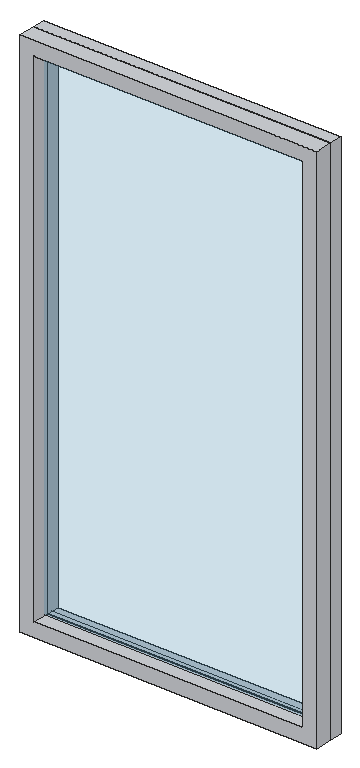
Revit family "FS_Reynaers_SL38 Cubic_Window Fixed", category Окна, Revit 2017
Family settings
  Основа = Стена
  Номер OmniClass = 23.30.20.00
  Заголовок OmniClass = Windows
  Всегда вертикально = Да
  При загрузке вырезать с полостями = Нет
  Общий = Нет
  Точка расчета площади = Нет
Parameters (values of type "Frame 38.5")
  Youtube clip = ""
  Width INT [instance] = 900 mm
  Width EXT [instance] = 800 mm
  Weight Net (Kg) = 0
  Wall Exterior Width = 90 mm
  Uniclass 2.0 Description = "Windows"
  Uniclass 2.0 Code = "PR-59-97"
  Uniclass 1.4 Description = "Windows"
  Uniclass 1.4 Code = "JL10"
  URL = "http://www.reynaers.com/architects/products/sl-38"
  UNSPSC Code = "301716"
  Technical description = ""
  Region South America = "None"
  Region Oceania = "None"
  Region North America = "None"
  Region Middle East = "None"
  Region Europe = "AD, AL, AT, AX, BA, BE, BG, BY, CH, CS, CY, CZ, DE, DK, EE, ES, FI, FO, FR, GB, GG, GI, GR, HR, HU, IE, IM, IS, IT, JE, LI, LT, LU, LV, MC, MD, ME, MK, MT, NL, NO, PL, PT, RO, RS, RU, SE, SI, SJ, SK, SM, UA, VA, XK"
  Region Asia = "None"
  Region Antarctica = "None"
  Region Africa = "None"
  REY Website = "www.reynaers.com"
  REY Vent Width = 0 mm  # constant formula
  REY Vent & Gap = REY Vent Width + REY Gap Width  # 0 mm
  REY Sill Height = 35 mm
  REY Sill H = if(REY Sill, REY Sill Height, 0 mm)  # 0 mm
  REY Sill = no
  REY Shutter Roll Material = none
  REY Shutter Roll Height = 200 mm
  REY Shutter Position = if(BE, 0 mm, REY Butt Strip Width)  # 0 mm
  REY Shutter Height = if(REY Shutter, REY Shutter Roll Height, 0 mm)  # 0 mm
  REY Shutter Depth = if(REY Shutter, 59 mm, 0 mm)  # 0 mm
  REY Shutter = no
  REY Rebate TOP B = if(BE, REY Rebate, 0 mm)  # 20 mm
  REY Rebate TOP A = if(NL, REY Rebate, 0 mm)  # 0 mm
  REY Rebate B = if(BE, REY Rebate, 0 mm)  # 20 mm
  REY Rebate A = if(NL, REY Rebate, 0 mm)  # 0 mm
  REY Rebate = 20 mm
  REY Profile Rebate = 25 mm
  REY Profile Color OUT [instance] = none
  REY Profile Color IN [instance] = none
  REY Panel Tickness [instance] = 24 mm
  REY Panel Material [instance] = Glass
  REY Panel Height [instance] = 1458 mm
  REY Panel Coverage = 10 mm
  REY Panel 1 Width [instance] = 783 mm
  REY Offset Wall Ext Int B = if(BE, REY Offset Wall Ext Int, 50 mm)  # 50 mm
  REY Offset Wall Ext Int A = if(NL, REY Offset Wall Ext Int, 0 mm)  # 0 mm
  REY Offset Wall Ext Int = 50 mm
  REY Joint Width B = if(BE, REY Joint Width, 0 mm)  # 5 mm
  REY Joint Width A = if(NL, REY Joint Width, 0 mm)  # 0 mm
  REY Joint Width = 5 mm
  REY Joint Bottom = 5 mm
  REY Gap Width = 0 mm  # constant formula
  REY Frame Width = 38.5 mm
  REY Fixation Bottom = 38 mm
  REY Element Width [instance] = 840 mm
  REY Element Height [instance] = 1515 mm
  REY Design = 0 mm  # constant formula
  REY Butt Strip Width = 10 mm
  REY Built-In Depth = 85.9 mm
  Product group = "Windows Aluminium"
  Product family = "Windows & Doors"
  Product data url = "http://file-system.ru/catalog/zdaniya_i_sooruzheniya/eksterer/dveri/sl_38_dveri/"
  Product certification = ""
  Product SKU = "Reynaers_window_Slim_Line_38"
  Product Guid = "e351ed82-0458-4031-8220-8276baccd360"
  OmniClass Description = ""
  OmniClass Code = ""
  Nominal width = 0
  Nominal height = 0
  NL = no
  NBS Reference Description = "Windows"
  NBS Reference Code = "59-97"
  Material secondary = "Aluminium"
  Material main = "Aluminium"
  Manufacturer name = "Reynaers"
  Manufacturer country = "Belgium"
  Изготовитель = "Reynaers"
  Installation instructions = ""
  IFC Classification = "Window"
  Height INT [instance] = 1583 mm
  Height EXT [instance] = 1500 mm
  Height [instance] = Height EXT  # 1500 mm
  Edition number = 1
  EAN code = ""
  Design country = "Belgium"
  Default Sill Height = 800 mm
  Замыкание стены = По основе
  Width [instance] = Width EXT  # 800 mm
  Date of publishing = "2015-11-19"
  COBIe Type Category = ""
  BE = yes
  Аналитическая конструкция = "<None>"
Reference planes
  plane 1 "Center (Front/Back)": y = 0
  plane 2 "Center (Left/Right)": x = 0
  plane 3 "REY L EXT": x = -400
  plane 4 "REY R EXT": x = 400
  plane 5 "Sill": z = 800
  plane 6 "REY Top EXT": z = 2300
  plane 7 "Exterior": y = 150
  plane 8 "Interior": y = -150
  plane 9 "REY Profile L": x = -420
  plane 10 "REY Profile Temp": x = -420
  plane 11 "REY L INT Temp": x = -450
  plane 12 "Wall Exterior Width": y = 60
  plane 13 "REY L INT": x = -450
  plane 14 "REY R INT Temp": x = 450
  plane 15 "REY R INT": x = 450
  plane 16 "REY Top INT": z = 2350
  plane 17 "REY Top INT Temp": z = 2350
  plane 18 "REY Sill Bottom": z = 805
  plane 19 "REY Profile Bottom": z = 805
  plane 20 "REY Bottom INT": z = 767
  plane 21 "REY Shutter TOP": z = 2350
  plane 22 "REY Profile TOP": z = 2320
  plane 23 "REY Profile TOP Temp": z = 2320
  plane 24 "REY Profile Joint Temp": y = 55
  plane 25 "REY Profile Joint": y = 55
  plane 26 "REY Built-In-Depth": y = -30.9
  plane 27 "REY Frame L": x = -381.5
  plane 28 "REY Gap L": x = -381.5
  plane 29 "REY Vent L": x = -381.5
  plane 30 "REY Panel L": x = -391.5
  plane 31 "REY Profile A Rebate": x = -445
  plane 32 "REY Shutter": y = 55
  plane 33 "REY Profile Design": y = 55
  plane 34 "REY Panel OUT": y = 31
  plane 35 "REY Panel IN": y = 7
  plane 36 "REY Gap Bottom": z = 843.5
  plane 37 "REY Frame Bottom": z = 843.5
  plane 38 "REY Vent Bottom": z = 843.5
  plane 39 "REY Profile R": x = 420
  plane 40 "REY Panel Bottom": z = 833.5
  plane 41 "Mid Window": z = 1562.5
  plane 42 "REY Panel TOP": z = 2291.5
  plane 43 "REY Gap TOP": z = 2281.5
  plane 44 "REY Frame TOP": z = 2281.5
  plane 45 "REY Vent TOP": z = 2281.5
  plane 46 "REY Shutter Position L": x = -420
  plane 47 "REY Shutter Position R": x = 420
  plane 48 "REY A Butt-Strip": x = -430
  plane 49 "REY Shutter Position TOP": z = 2320
  plane 50 "REY Frame R": x = 381.5
  plane 51 "REY GAP R": x = 381.5
  plane 52 "REY Vent R": x = 381.5
  plane 53 "REY Panel R": x = 391.5
  plane 54 "REY MID 1/2": x = 0
  plane 55 "REY Profil Design Step 1": y = 32
  plane 56 "REY Profil Design Step 2": y = 18
  plane 57: x = -399
  plane 58 "REY Panel MID": y = 19
Forms (mm)
  Extrusion 1, void
    sketch origin (0, 0, 800) x (0, -1, 0) y (1, 0, 0)
      loop
        line (-150, -400) -> (-60, -400) -> (-60, 400) -> (-150, 400) -> (-150, -400)
    from 0 to 1500
  Extrusion 2, void
    sketch origin (0, 0, 800) x (0, -1, 0) y (1, 0, 0)
      loop
        line (-60, -450) -> (150, -450) -> (150, 450) -> (-60, 450) -> (-60, -450)
    from -33 to 1550
  Extrusion 3, solid, material "Glass" <- "REY Panel Material"
    sketch origin (0, 0, 833.5) x (0, 1, 0) y (-1, 0, 0)
      loop
        line (7, 391.5) -> (7, -391.5) -> (31, -391.5) -> (31, 391.5) -> (7, 391.5)
    from 10 to 1448
  Extrusion 4, solid, material <- "REY Profile Color OUT", visible <- "REY Shutter"
    sketch origin (0, 0, 800) x (0, -1, 0) y (1, 0, 0)
      loop
        line (-55, 420) -> (-114, 420) -> (-114, 391.665) -> (-109.8, 391.665) -> (-109.8, 418.165) -> (-91.8, 418.165) -> (-91.8, 391.665) -> (-55, 391.665) -> (-55, 420)
    from 0 to 1520
  Extrusion 5, solid, material <- "REY Profile Color IN", visible <- "REY Sill"
    sketch origin (420, 0, 0) x (0, 1, 0) y (0, 0, -1)
      loop
        line (55, -805) -> (55, -781) -> (26.3, -781) -> (26.3, -775) -> (55, -773) -> (55, -770) -> (-21.9, -770) -> (-21.9, -805) -> (55, -805)
    from 0 to 840
  Sweep 6, solid, material <- "REY Profile Color OUT", visible <- "NL"
    path origin (0, 55, 0) x (-1, 0, 0) y (0, 0, 1)
      loop
        line (420, 805) -> (420, 2320) -> (-420, 2320) -> (-420, 805) -> (420, 805)
    profile origin (-420, 55, 1562.5) x (1, 0, 0) y (0, 1, 0)
      loop
        line (0, 0) -> (-10, 0) -> (-10, -3.8) -> (0, -3.8) -> (0, 0)
  Extrusion 7, solid, material <- "REY Profile Color OUT", visible <- "REY Shutter"
    sketch origin (420, 0, 0) x (0, 1, 0) y (0, 0, -1)
      loop
        line (55, -2303.8) -> (55, -2305.4) -> (76.9, -2305.4)
        arc (76.9, -2305.4) -> (79.728, -2306.572) -> (80.9, -2309.4) r 4
        line (80.9, -2309.4) -> (80.9, -2336.4)
        arc (80.9, -2336.4) -> (77.707, -2344.107) -> (70, -2347.3) r 10.9
        line (70, -2347.3) -> (70, -2348.9)
        arc (70, -2348.9) -> (78.839, -2345.239) -> (82.5, -2336.4) r 12.5
        line (82.5, -2336.4) -> (82.5, -2309.4)
        arc (82.5, -2309.4) -> (80.86, -2305.44) -> (76.9, -2303.8) r 5.6
        line (76.9, -2303.8) -> (55, -2303.8)
    from 0 to 840
  Extrusion 8, solid, material <- "REY Shutter Roll Material", visible <- "REY Shutter"
    sketch origin (420, 0, 0) x (0, 1, 0) y (0, 0, -1)
      loop
        line (60, -2350) -> (-150, -2350) -> (-150, -2360) -> (60, -2360) -> (60, -2350)
    from -30 to 870
  Extrusion 9, solid, material <- "REY Profile Color OUT", visible <- "REY Shutter"
    sketch origin (0, 0, 800) x (0, -1, 0) y (1, 0, 0)
      loop
        line (-55, -420) -> (-55, -391.665) -> (-91.8, -391.665) -> (-91.8, -418.165) -> (-109.8, -418.165) -> (-109.8, -391.665) -> (-114, -391.665) -> (-114, -420) -> (-55, -420)
    from 0 to 1520
  Sweep 10, solid, material <- "REY Profile Color OUT"
    path origin (0, 55, 0) x (-1, 0, 0) y (0, 0, 1)
      loop
        line (-420, 2320) -> (-420, 805) -> (420, 805) -> (420, 2320) -> (-420, 2320)
    profile origin (-420, 55, 1562.5) x (0, 1, 0) y (-1, 0, 0)
      loop
        line (0, 0) -> (-36, 0) -> (-36, -38.5) -> (0, -38.5) -> (0, 0)
  Sweep 11, solid, material <- "REY Profile Color IN"
    path origin (0, -30.9, 0) x (-1, 0, 0) y (0, 0, 1)
      loop
        line (420, 805) -> (420, 2320) -> (-420, 2320) -> (-420, 805) -> (420, 805)
    profile origin (-420, -30.9, 1562.5) x (0, 1, 0) y (-1, 0, 0)
      loop
        line (49.9, 0) -> (0, 0) -> (0, -38.5) -> (49.9, -38.5) -> (49.9, 0)
Lines and regions (mm)
  symbolic lines, style "Windows"
    curve 1: line (-381.5, 55, 800) -> (-420, 55, 800)
    curve 2: line (-381.5, -30.9, 800) -> (-420, -30.9, 800)
    curve 3: line (420, -30.9, 800) -> (381.5, -30.9, 800)
    curve 4: line (-381.5, 55, 800) -> (-381.5, -30.9, 800)
    curve 22: line (420, 55, 800) -> (381.5, 55, 800)
    curve 24: line (-420, -30.9, 800) -> (-420, 55, 800)
    curve 25: line (-381.5, 31, 800) -> (381.5, 31, 800)
    curve 26: line (381.5, 7, 800) -> (-381.5, 7, 800)
    curve 27: line (381.5, -30.9, 833.5) -> (381.5, 55, 833.5)
    curve 30: line (420, 55, 2320) -> (420, -30.9, 2320)
    curve 31: line (420, -30.9, 2320) -> (420, -30.9, 2281.5)
    curve 32: line (420, -30.9, 2281.5) -> (420, 55, 2281.5)
    curve 33: line (420, 55, 2281.5) -> (420, 55, 2320)
    curve 34: line (420, -30.9, 843.5) -> (420, -30.9, 805)
    curve 35: line (420, -30.9, 805) -> (420, 55, 805)
    curve 36: line (420, 55, 805) -> (420, 55, 843.5)
    curve 37: line (420, 55, 843.5) -> (420, -30.9, 843.5)
    curve 38: line (0, 7, 2281.5) -> (0, 7, 843.5)
    curve 39: line (0, 18, 843.5) -> (0, 18, 2281.5)
    curve 40: line (420, 55, 0) -> (420, -30.9, 0)
  symbolic lines, style "Windows", not visible
    curve 5: line (420, 88, 800) -> (420, 55, 800)
  symbolic lines, style "Windows", visible <- "NL"
    curve 6: line (420, 2.2, 0) -> (420, 55, 0)
  symbolic lines
    curve 7: line (-400, 150, 0) -> (400, 150, 0)
    curve 8: line (450, -150, 0) -> (-450, -150, 0)
  symbolic lines, style "Windows", visible <- "REY Shutter"
    curve 9: line (-420, 114, 800) -> (-391.665, 114, 800)
    curve 10: line (-391.665, 114, 800) -> (-391.665, 109.8, 800)
    curve 11: line (-391.665, 109.8, 800) -> (-418.165, 109.8, 800)
    curve 12: line (-418.165, 109.8, 800) -> (-418.165, 91.8, 800)
    curve 13: line (-418.165, 91.8, 800) -> (-391.665, 91.8, 800)
    curve 14: line (-391.665, 91.8, 800) -> (-391.665, 55, 800)
    curve 15: line (-420, -21.9, 800) -> (-420, 114, 800)
    curve 16: line (391.665, 114, 800) -> (420, 114, 800)
    curve 17: line (391.665, 109.8, 800) -> (391.665, 114, 800)
    curve 18: line (418.165, 109.8, 800) -> (391.665, 109.8, 800)
    curve 19: line (418.165, 91.8, 800) -> (418.165, 109.8, 800)
    curve 20: line (391.665, 91.8, 800) -> (418.165, 91.8, 800)
    curve 21: line (391.665, 55, 800) -> (391.665, 91.8, 800)
    curve 23: line (420, 114, 800) -> (420, 55, 800)
  model lines, style "Windows"
    curve 28: line (420, 44.949, 2312.025) -> (420, -18.966, 2312.025)
    curve 29: line (420, 51.656, 2347.279) -> (420, -40.244, 2347.279)
Text (mm)
  text "EXTERIOR" at (-1963.203, 1332.353, 0), in view "Ref. Level"
  text "INTERIOR" at (-1981.466, -818.386, 0), in view "Ref. Level"
  text "Exterior" at (0, 923.751, 2943.296), in view "Right"
  text "Exterior" at (0, 1040.484, 2685.409), in view "Left"
  text "EXT" at (0, 709.313, 2863.072), in view "Section 1"
Dimensions and locks
  equal spacing: plane 3 "REY L EXT", plane 2 "Center (Left/Right)", plane 4 "REY R EXT"
  "Width": plane 3 "REY L EXT" to plane 4 "REY R EXT"
  "Height": plane 5 "Sill" to plane 6 "REY Top EXT"
  "Default Sill Height": plane 5 "Sill" to level
  locked: plane 7 "Exterior" to host wall at 0
  locked: plane 8 "Interior" to host wall
  "Wall Exterior Width": plane 7 "Exterior" to plane 12 "Wall Exterior Width"
  "REY Rebate B": plane 10 "REY Profile Temp" to plane 3 "REY L EXT"
  "REY Rebate A": plane 10 "REY Profile Temp" to plane 9 "REY Profile L"
  "REY Offset Wall Ext Int B": plane 4 "REY R EXT" to plane 14 "REY R INT Temp"
  "REY Offset Wall Ext Int B": plane 11 "REY L INT Temp" to plane 3 "REY L EXT"
  "REY Offset Wall Ext Int A": plane 11 "REY L INT Temp" to plane 13 "REY L INT"
  "REY Offset Wall Ext Int A": plane 15 "REY R INT" to plane 14 "REY R INT Temp"
  "REY Offset Wall Ext Int A": plane 16 "REY Top INT" to plane 17 "REY Top INT Temp"
  "REY Offset Wall Ext Int B": plane 6 "REY Top EXT" to plane 17 "REY Top INT Temp"
  "Width INT": plane 13 "REY L INT" to plane 15 "REY R INT"
  "REY Joint Bottom": plane 5 "Sill" to plane 18 "REY Sill Bottom"
  "REY Sill H": plane 18 "REY Sill Bottom" to plane 19 "REY Profile Bottom"
  "REY Fixation Bottom": plane 18 "REY Sill Bottom" to plane 20 "REY Bottom INT"
  "REY Shutter Height": plane 21 "REY Shutter TOP" to plane 16 "REY Top INT"
  "REY Rebate TOP B": plane 23 "REY Profile TOP Temp" to plane 6 "REY Top EXT"
  "REY Rebate TOP A": plane 23 "REY Profile TOP Temp" to plane 22 "REY Profile TOP"
  "REY Joint Width A": plane 25 "REY Profile Joint" to plane 24 "REY Profile Joint Temp"
  "REY Joint Width B": plane 12 "Wall Exterior Width" to plane 24 "REY Profile Joint Temp"
  "REY Built-In Depth": plane 33 "REY Profile Design" to plane 26 "REY Built-In-Depth"
  "REY Frame Width": plane 9 "REY Profile L" to plane 27 "REY Frame L"
  "REY Gap Width": plane 27 "REY Frame L" to plane 28 "REY Gap L"
  "REY Vent Width": plane 28 "REY Gap L" to plane 29 "REY Vent L"
  "REY Profile Rebate": plane 31 "REY Profile A Rebate" to plane 9 "REY Profile L"
  "REY Panel Coverage": plane 30 "REY Panel L" to plane 29 "REY Vent L"
  "REY Design": plane 32 "REY Shutter" to plane 33 "REY Profile Design"
  "REY Shutter Depth": plane 25 "REY Profile Joint" to plane 32 "REY Shutter"
  locked: plane 33 "REY Profile Design" to plane 34 "REY Panel OUT" at 24
  "REY Panel Tickness": plane 34 "REY Panel OUT" to plane 35 "REY Panel IN"
  "REY Frame Width": plane 37 "REY Frame Bottom" to plane 19 "REY Profile Bottom"
  "REY Gap Width": plane 36 "REY Gap Bottom" to plane 37 "REY Frame Bottom"
  "REY Vent Width": plane 38 "REY Vent Bottom" to plane 36 "REY Gap Bottom"
  equal spacing: plane 9 "REY Profile L", plane 2 "Center (Left/Right)", plane 39 "REY Profile R"
  "REY Panel Coverage": plane 38 "REY Vent Bottom" to plane 40 "REY Panel Bottom"
  "REY Vent Width": plane 45 "REY Vent TOP" to plane 43 "REY Gap TOP"
  "REY Gap Width": plane 43 "REY Gap TOP" to plane 44 "REY Frame TOP"
  "REY Panel Coverage": plane 45 "REY Vent TOP" to plane 42 "REY Panel TOP"
  "REY Shutter Position": plane 46 "REY Shutter Position L" to plane 9 "REY Profile L"
  "REY Shutter Position": plane 39 "REY Profile R" to plane 47 "REY Shutter Position R"
  Extrusion 4 sketch curve to Extrusion 4 sketch curve to Extrusion 4 sketch curve = 18 mm locked, 4.2 mm locked
  locked: Extrusion 4 sketch curve to Extrusion 4 sketch curve at 1.835
  locked: Extrusion 4 sketch curve to Extrusion 4 sketch curve at 28.335
  locked: Extrusion 4 sketch curve to Extrusion 4 sketch curve at 36.8
  locked: Extrusion 5 sketch curve to Extrusion 5 sketch curve at 35
  locked: Extrusion 5 sketch curve to Extrusion 5 sketch curve at 3
  locked: Extrusion 5 sketch curve to Extrusion 5 sketch curve at 11
  locked: Extrusion 5 sketch curve to Extrusion 5 sketch curve at 6
  equal spacing: plane 23 "REY Profile TOP Temp", plane 41 "Mid Window", plane 19 "REY Profile Bottom"
  "REY Butt Strip Width": plane 48 "REY A Butt-Strip" to plane 9 "REY Profile L"
  "REY Shutter Position": plane 49 "REY Shutter Position TOP" to plane 22 "REY Profile TOP"
  "REY Frame Width": plane 44 "REY Frame TOP" to plane 22 "REY Profile TOP"
  locked: Extrusion 7 sketch curve to plane 49 "REY Shutter Position TOP" at 14.6
  locked: Extrusion 7 sketch curve to plane 32 "REY Shutter" at 25.9
  plane 6 "REY Top EXT" to Extrusion 8 = 60 mm
  Extrusion 9 sketch curve to Extrusion 9 sketch curve to Extrusion 9 sketch curve = 18 mm locked, 4.2 mm locked
  locked: Extrusion 9 sketch curve to Extrusion 9 sketch curve at 1.835
  locked: Extrusion 9 sketch curve to Extrusion 9 sketch curve at 28.335
  locked: Extrusion 9 sketch curve to Extrusion 9 sketch curve at 36.8
  "REY Vent Width": plane 52 "REY Vent R" to plane 51 "REY GAP R"
  "REY Gap Width": plane 51 "REY GAP R" to plane 50 "REY Frame R"
  "REY Frame Width": plane 50 "REY Frame R" to plane 39 "REY Profile R"
  "REY Element Height": plane 23 "REY Profile TOP Temp" to plane 19 "REY Profile Bottom"
  "Height INT": plane 21 "REY Shutter TOP" to plane 20 "REY Bottom INT"
  "REY Element Width": plane 46 "REY Shutter Position L" to plane 47 "REY Shutter Position R"
  "REY Panel Height": plane 42 "REY Panel TOP" to plane 40 "REY Panel Bottom"
  "REY Panel Coverage": plane 52 "REY Vent R" to plane 53 "REY Panel R"
  locked: Extrusion 8 to plane 21 "REY Shutter TOP" at 10
  Sweep 11 sketch curve to plane 26 "REY Built-In-Depth" = 0 mm
  "REY Panel 1 Width": plane 30 "REY Panel L" to plane 53 "REY Panel R"
  plane 33 "REY Profile Design" to plane 55 "REY Profil Design Step 1" to plane 56 "REY Profil Design Step 2" = 23 mm locked, 14 mm locked
  locked: plane 9 "REY Profile L" to plane 57 at 21
  equal spacing: plane 34 "REY Panel OUT", plane 58 "REY Panel MID", plane 35 "REY Panel IN"
  radius of Extrusion 7 sketch curve = 4 mm
  radius of Extrusion 7 sketch curve = 10.9 mm
  aligned and locked: Extrusion 1 sketch curve to plane 3 "REY L EXT"
  aligned and locked: plane 4 "REY R EXT" to Extrusion 1 sketch curve
  aligned and locked: plane 12 "Wall Exterior Width" to Extrusion 1 sketch curve
  aligned and locked: plane 7 "Exterior" to Extrusion 1 sketch curve
  aligned and locked: Extrusion 1 to plane 6 "REY Top EXT"
  aligned and locked: Extrusion 2 sketch curve to plane 12 "Wall Exterior Width"
  aligned and locked: Extrusion 2 sketch curve to plane 8 "Interior"
  aligned and locked: plane 13 "REY L INT" to Extrusion 2 sketch curve
  aligned and locked: plane 15 "REY R INT" to Extrusion 2 sketch curve
  aligned and locked: Extrusion 2 to plane 20 "REY Bottom INT"
  aligned and locked: plane 21 "REY Shutter TOP" to Extrusion 2
  aligned and locked: Extrusion 3 sketch curve to plane 35 "REY Panel IN"
  aligned and locked: plane 34 "REY Panel OUT" to Extrusion 3 sketch curve
  aligned and locked: Extrusion 3 sketch curve to plane 30 "REY Panel L"
  aligned and locked: Extrusion 4 sketch curve to Extrusion 4 sketch curve
  aligned and locked: plane 32 "REY Shutter" to Extrusion 4 sketch curve
  aligned and locked: plane 47 "REY Shutter Position R" to Extrusion 4 sketch curve
  aligned and locked: Extrusion 5 sketch curve to plane 33 "REY Profile Design"  (x2)
  aligned and locked: Extrusion 5 to plane 9 "REY Profile L"
  aligned and locked: Extrusion 5 sketch curve to plane 19 "REY Profile Bottom"
  aligned and locked: plane 9 "REY Profile L" to Sweep 6 sketch curve  (x2)
  aligned and locked: plane 39 "REY Profile R" to Sweep 6 sketch curve
  aligned and locked: plane 19 "REY Profile Bottom" to Sweep 6 sketch curve
  aligned and locked: Sweep 6 sketch curve to plane 48 "REY A Butt-Strip"
  aligned and locked: plane 22 "REY Profile TOP" to Extrusion 4
  aligned and locked: plane 32 "REY Shutter" to Extrusion 7 sketch curve
  aligned and locked: Sweep 6 sketch curve to plane 22 "REY Profile TOP"
  aligned and locked: Extrusion 7 to plane 9 "REY Profile L"
  aligned and locked: Extrusion 8 sketch curve to plane 16 "REY Top INT"
  aligned and locked: plane 12 "Wall Exterior Width" to Extrusion 8 sketch curve
  aligned and locked: Extrusion 9 sketch curve to plane 32 "REY Shutter"
  aligned and locked: Extrusion 9 sketch curve to plane 46 "REY Shutter Position L"
  aligned and locked: plane 49 "REY Shutter Position TOP" to Extrusion 9
  aligned and locked: curve 9 to Extrusion 9
  aligned and locked: Extrusion 9 to curve 11
  aligned and locked: curve 12 to Extrusion 9
  aligned and locked: curve 13 to Extrusion 9
  aligned and locked: curve 14 to Extrusion 9
  aligned and locked: curve 15 to Extrusion 9
  aligned and locked: curve 16 to Extrusion 4
  aligned and locked: curve 17 to Extrusion 4
  aligned and locked: curve 18 to Extrusion 4
  aligned and locked: curve 19 to Extrusion 4
  aligned and locked: curve 20 to Extrusion 4
  aligned and locked: curve 21 to Extrusion 4
  aligned and locked: plane 33 "REY Profile Design" to curve 1
  aligned and locked: Extrusion 9 sketch curve to Extrusion 9 sketch curve
  aligned and locked: curve 10 to Extrusion 9
  aligned and locked: plane 26 "REY Built-In-Depth" to curve 2
  aligned and locked: plane 32 "REY Shutter" to Sweep 6 sketch curve
  aligned and locked: Extrusion 8 to plane 13 "REY L INT"
  aligned and locked: Extrusion 8 to plane 15 "REY R INT"
  aligned and locked: plane 54 "REY MID 1/2" to plane 2 "Center (Left/Right)"
  aligned and locked: Sweep 10 sketch curve to plane 22 "REY Profile TOP"
  aligned and locked: plane 39 "REY Profile R" to Sweep 10 sketch curve
  aligned and locked: plane 19 "REY Profile Bottom" to Sweep 10 sketch curve
  aligned and locked: plane 9 "REY Profile L" to Sweep 10 sketch curve  (x2)
  aligned and locked: Sweep 10 sketch curve to plane 27 "REY Frame L"
  aligned and locked: Sweep 10 sketch curve to plane 33 "REY Profile Design"
  aligned and locked: plane 19 "REY Profile Bottom" to Sweep 11 sketch curve
  aligned and locked: plane 9 "REY Profile L" to Sweep 11 sketch curve  (x2)
  aligned and locked: Sweep 11 sketch curve to plane 22 "REY Profile TOP"
  aligned and locked: plane 39 "REY Profile R" to Sweep 11 sketch curve
  aligned and locked: plane 53 "REY Panel R" to Extrusion 3 sketch curve
  aligned and locked: plane 52 "REY Vent R" to curve 25
  aligned and locked: plane 52 "REY Vent R" to curve 26
  aligned and locked: Sweep 11 sketch curve to plane 27 "REY Frame L"
  aligned and locked: Sweep 11 sketch curve to plane 58 "REY Panel MID"
  aligned and locked: plane 58 "REY Panel MID" to Sweep 10 sketch curve
  aligned and locked: Extrusion 3 to plane 45 "REY Vent TOP"
  aligned and locked: Extrusion 3 to plane 35 "REY Panel IN"
  aligned and locked: plane 34 "REY Panel OUT" to Extrusion 3
  aligned and locked: curve 32 to plane 45 "REY Vent TOP"
  aligned and locked: plane 26 "REY Built-In-Depth" to curve 31
  aligned and locked: curve 33 to plane 33 "REY Profile Design"
  aligned and locked: curve 30 to plane 49 "REY Shutter Position TOP"
  aligned and locked: Extrusion 3 to plane 38 "REY Vent Bottom"
  aligned and locked: curve 36 to plane 33 "REY Profile Design"
  aligned and locked: plane 26 "REY Built-In-Depth" to curve 34
  aligned and locked: plane 19 "REY Profile Bottom" to curve 35
  aligned and locked: curve 37 to plane 38 "REY Vent Bottom"
  aligned and locked: plane 39 "REY Profile R" to curve 40
  aligned and locked: plane 26 "REY Built-In-Depth" to curve 40
  aligned and locked: plane 33 "REY Profile Design" to curve 40
Automatic sketch dimensions
  Extrusion 7 sketch curve to Extrusion 7 sketch curve = 0 mm  (x3)
  Extrusion 7 sketch curve to Extrusion 7 sketch curve = 1.6 mm
  Extrusion 7 sketch curve to Extrusion 7 sketch curve = 27 mm
  plane 34 "REY Panel OUT" to Extrusion 5 sketch curve = 4.7 mm
  Sweep 6 sketch curve to plane 33 "REY Profile Design" = 3.8 mm
  Extrusion 5 sketch curve to plane 26 "REY Built-In-Depth" = 9 mm
  Extrusion 8 sketch curve to host wall = 0 mm
  Extrusion 8 sketch curve to plane 21 "REY Shutter TOP" = 10 mm
  curve 27 to plane 26 "REY Built-In-Depth" = 0 mm
  curve 27 to plane 33 "REY Profile Design" = 0 mm
  curve 27 to plane 52 "REY Vent R" = 0 mm
  curve 39 to plane 36 "REY Gap Bottom" = 0 mm
  curve 39 to plane 56 "REY Profil Design Step 2" = 0 mm
  curve 38 to plane 35 "REY Panel IN" = 0 mm
  curve 38 to plane 36 "REY Gap Bottom" = 0 mm
  plane 43 "REY Gap TOP" to curve 39 = 0 mm
  plane 43 "REY Gap TOP" to curve 38 = 0 mm
  plane 16 "REY Top INT" to curve 29 = 2.721 mm
  plane 26 "REY Built-In-Depth" to curve 29 = 9.344 mm
  curve 28 to plane 26 "REY Built-In-Depth" = 11.934 mm
  plane 24 "REY Profile Joint Temp" to curve 28 = 10.051 mm
  plane 24 "REY Profile Joint Temp" to curve 29 = 3.344 mm
  plane 22 "REY Profile TOP" to curve 28 = 7.975 mm
  curve 3 to plane 26 "REY Built-In-Depth" = 0 mm
  curve 1 to plane 9 "REY Profile L" = 0 mm
  curve 4 to plane 27 "REY Frame L" = 0 mm
  plane 24 "REY Profile Joint Temp" to curve 21 = 0 mm
  curve 25 to plane 34 "REY Panel OUT" = 0 mm
  curve 26 to plane 35 "REY Panel IN" = 0 mm
  curve 3 to plane 50 "REY Frame R" = 0 mm
  curve 19 to curve 5 = 3.8 mm
  curve 15 to curve 2 = 9 mm
  plane 4 "REY R EXT" to curve 22 = 18.5 mm
  curve 23 to plane 39 "REY Profile R" = 0 mm
  curve 3 to plane 39 "REY Profile R" = 0 mm
  host wall to curve 8 = 0 mm
  curve 8 to plane 11 "REY L INT Temp" = 0 mm
  curve 7 to host wall = 0 mm
  curve 7 to plane 3 "REY L EXT" = 0 mm
  curve 7 to plane 4 "REY R EXT" = 0 mm
  plane 24 "REY Profile Joint Temp" to curve 6 = 0 mm
  curve 6 to plane 39 "REY Profile R" = 0 mm
  curve 8 to plane 14 "REY R INT Temp" = 0 mm
  curve 6 to host wall = 2.2 mm
